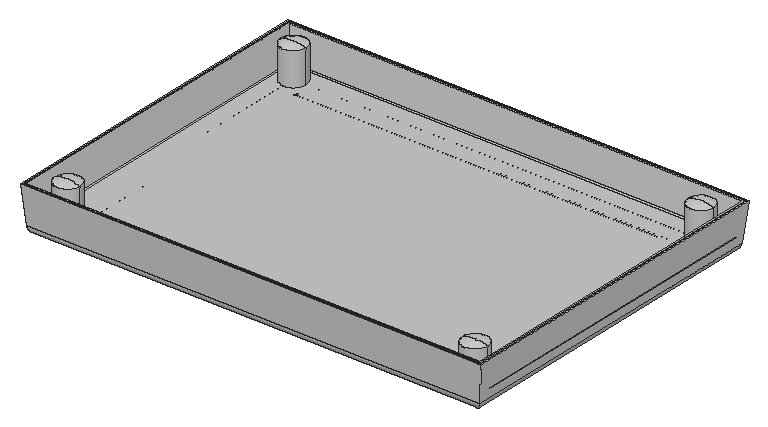
Revit family "Gorter BV 600x400mm", category Generic Models, host Face, Revit 2019
Family settings
  Host = Face
  Can host rebar = No
  Round Connector Dimension = Use Diameter
  Part Type = Normal
  Cut with Voids When Loaded = Yes
  Shared = Yes
  Room Calculation Point = No
Parameters (values of type "BV 600x400mm")
  vullen_met_beton = "ja"  # constant formula
  vergrendeling = "nee"  # constant formula
  uitwendige_lengte = 535 mm
  uitwendige_breedte = 735 mm
  sluiting = "4"  # constant formula
  scharnierend = "nee"  # constant formula
  rubberen_afdichting = "enkel"  # constant formula
  productgroep = ""
  materiaal = bcb_staal
  inbouwhoogte [instance] = 75 mm
  geïsoleerd = "nee"  # constant formula
  gewicht = "17"
  gasdrukveer = "nee"  # constant formula
  brandwerend 90 min = "nee"  # constant formula
  binnenmaat_lengte = uitwendige_lengte - 135 mm  # 400 mm
  binnenmaat_breedte = uitwendige_breedte - 135 mm  # 600 mm
  binnenluik = "tbv betonvulling"  # constant formula
  belasting = "125 kN"  # constant formula
  URL = ""
  Model = "BV"  # constant formula
  Manufacturer = "Gorter"  # constant formula
  Description = "BV 64"
  Default Elevation = 1219.2 mm
Types (6, lengths in mm): name | uitwendige_lengte | uitwendige_breedte | gewicht | binnenmaat_lengte | binnenmaat_breedte | Description
  (no name) | 535 | 735 | "17" | 400 | 600 | "BV 64"
  BV 600x400mm | 535 | 735 | "17" | 400 | 600 | "BV 64"
  BV 600x600mm | 735 | 735 | "21" | 600 | 600 | "BV 66"
  BV 800x600mm | 735 | 935 | "27" | 600 | 800 | "BV 86"
  BV 800x800mm | 935 | 935 | "31" | 800 | 800 | "BV 88"
  BV 1000x600mm | 735 | 1135 | "31" | 600 | 1000 | "BV 106"
Reference planes
  plane 1 "Center (Front/Back)": y = 0
  plane 2: z = 0
  plane 3 "Center (Left/Right)": x = 0
  plane 4: y = 267.5
  plane 5: y = -267.5
  plane 6: x = 367.5
  plane 7: x = -367.5
  plane 8: z = -75
  plane 9: x = -325.5
  plane 10: y = 225.5
  plane 11: y = -225.5
  plane 12: x = 325.5
  plane 13: x = -205.5
  plane 14: x = 205.5
  plane 15: y = -105.5
  plane 16: y = 105.5
Forms (mm)
  Sweep 1, solid, material "bcb_staal" <- "materiaal", detail levels medium+fine
    path origin (0, 0, 0) x (1, 0, 0) y (0, 1, 0)
      loop
        line (-367.5, 267.5) -> (-367.5, -267.5) -> (367.5, -267.5) -> (367.5, 267.5) -> (-367.5, 267.5)
    profile origin (-367.5, 0, 0) x (-1, 0, 0) y (0, 0, 1)
      loop
        line (0, 0) -> (-2.01, 0) -> (-8.062, -60.739)
        arc (-8.062, -60.739) -> (-19.025, -71.913) -> (-32.302, -63.62) r 12.5
        line (-32.302, -63.62) -> (-34.724, -56.679)
        arc (-34.724, -56.679) -> (-38.41, -54.001) -> (-42.212, -56.51) r 4
        line (-42.212, -56.51) -> (-44.362, -61.868)
        arc (-44.362, -61.868) -> (-48.269, -64.946) -> (-52.899, -63.13) r 5
        line (-52.899, -63.13) -> (-56.64, -57.982)
        arc (-56.64, -57.982) -> (-63.349, -55.792) -> (-67.5, -61.5) r 6
        line (-67.5, -61.5) -> (-67.5, -75) -> (-65.5, -75) -> (-65.5, -61.5)
        arc (-65.5, -61.5) -> (-62.734, -57.695) -> (-58.262, -59.152) r 4
        line (-58.262, -59.152) -> (-54.667, -64.109)
        arc (-54.667, -64.109) -> (-48.142, -66.947) -> (-42.504, -62.607) r 7
        line (-42.504, -62.607) -> (-40.356, -57.255)
        arc (-40.356, -57.255) -> (-38.451, -56.001) -> (-36.61, -57.346) r 2
        line (-36.61, -57.346) -> (-34.19, -64.279)
        arc (-34.19, -64.279) -> (-18.789, -73.899) -> (-6.071, -60.938) r 14.5
        line (-6.071, -60.938) -> (0, 0)
  Sweep 2, solid, material "bcb_staal" <- "materiaal", detail levels medium+fine
    path origin (0, 0, 0) x (1, 0, 0) y (0, 1, 0)
      loop
        line (-367.5, 267.5) -> (-367.5, -267.5) -> (367.5, -267.5) -> (367.5, 267.5) -> (-367.5, 267.5)
    profile origin (-367.5, 0, 0) x (-1, 0, 0) y (0, 0, 1)
      loop
        line (-10.487, -50.628) -> (-2.484, 0) -> (-4.5, 0) -> (-12.438, -50.313)
        arc (-12.438, -50.313) -> (-13.121, -51.538) -> (-14.437, -52.024) r 2.024
        line (-14.437, -52.024) -> (-67.5, -52.024) -> (-67.5, -53.988) -> (-14.751, -53.988)
        arc (-14.751, -53.988) -> (-11.962, -53.142) -> (-10.487, -50.628) r 4
  Sweep 3, solid, material "bcb_staal" <- "materiaal", detail levels coarse
    path origin (0, 0, 0) x (1, 0, 0) y (0, 1, 0)
      loop
        line (-367.5, 267.5) -> (-367.5, -267.5) -> (367.5, -267.5) -> (367.5, 267.5) -> (-367.5, 267.5)
    profile origin (-367.5, 0, 0) x (-1, 0, 0) y (0, 0, 1)
      loop
        line (0, 0) -> (-4.5, 0) -> (-12.74, -52.024) -> (-67.5, -52.024) -> (-67.5, -75) -> (-7.473, -75) -> (0, 0)
  Extrusion 4, solid, material "bcb_staal" <- "materiaal", detail levels medium+fine
    sketch origin (0, 0, 0) x (1, 0, 0) y (0, 1, 0)
      loop
        line (-300, 200) -> (-300, -200) -> (300, -200) -> (300, 200) -> (-300, 200)
    from -53.988 to -52
  Extrusion 5, solid, material "bcb_staal" <- "materiaal", detail levels coarse
    sketch origin (0, 0, 0) x (1, 0, 0) y (0, 1, 0)
      loop
        line (-300, 200) -> (-300, -200) -> (300, -200) -> (300, 200) -> (-300, 200)
    from -75 to -52.024
  Extrusion 6, void
    sketch origin (0, 0, 0) x (1, 0, 0) y (0, 1, 0)
      loop
        line (-205.5, -105.5) -> (205.5, -105.5) -> (205.5, 105.5) -> (-205.5, 105.5) -> (-205.5, -105.5)
    from -500 to 10
  Sweep 7, void
    path origin (0, 0, 0) x (1, 0, 0) y (0, 1, 0)
      loop
        line (-367.5, 267.5) -> (-367.5, -267.5) -> (367.5, -267.5) -> (367.5, 267.5) -> (-367.5, 267.5)
    profile origin (-367.5, 0, 0) x (-1, 0, 0) y (0, 0, 1)
      loop
        line (0.498, 5) -> (-162, 5) -> (-162, -365) -> (-65.5, -365) -> (-65.5, -75) -> (-7.473, -75) -> (0.498, 5)
Cuts and joins
  joined: Sweep 2, Extrusion 4
  joined: Sweep 3, Extrusion 5
Dimensions and locks
  equal spacing: plane 7, plane 3 "Center (Left/Right)", plane 6
  "uitwendige_breedte": plane 7 to plane 6
  equal spacing: plane 4, plane 1 "Center (Front/Back)", plane 5
  "uitwendige_lengte": plane 4 to plane 5
  locked: plane 4 to plane 10 at 42
  locked: plane 7 to plane 9 at 42
  locked: plane 12 to plane 6 at 42
  locked: plane 5 to plane 11 at 42
  locked: plane 9 to plane 13 at 120
  locked: plane 14 to plane 12 at 120
  locked: plane 15 to plane 11 at 120
  locked: plane 10 to plane 16 at 120
  aligned and locked: plane 2 to host face
  aligned and locked: level to host face
  aligned and locked: Sweep 1 sketch curve to plane 4
  aligned and locked: plane 7 to Sweep 1 sketch curve
  aligned and locked: plane 5 to Sweep 1 sketch curve
  aligned and locked: Sweep 1 sketch curve to plane 6
  aligned and locked: Sweep 2 sketch curve to Sweep 1  (x4)
  aligned and locked: Sweep 3 sketch curve to Sweep 1  (x4)
  aligned and locked: Extrusion 4 sketch curve to Sweep 1  (x4)
  aligned and locked: Extrusion 5 sketch curve to Sweep 3  (x2)
  aligned and locked: Extrusion 5 sketch curve to Sweep 1  (x2)
  aligned and locked: plane 3 "Center (Left/Right)" to nested 1
  aligned and locked: nested 1 to plane 2
  aligned and locked: plane 9 to nested 2
  aligned and locked: nested 2 to plane 10
  aligned and locked: nested 3 to plane 12
  aligned and locked: plane 10 to nested 3
  aligned and locked: plane 11 to nested 4
  aligned and locked: nested 4 to plane 9
  aligned and locked: nested 5 to plane 11
  aligned and locked: plane 12 to nested 5
  aligned and locked: nested 6 to plane 1 "Center (Front/Back)"
  aligned and locked: nested 6 to plane 2
  aligned and locked: Extrusion 6 to plane 16
  aligned and locked: Extrusion 6 to plane 14
  aligned and locked: Extrusion 6 to plane 15
  aligned and locked: Extrusion 6 to plane 13
  aligned and locked: Sweep 7 sketch curve to plane 4
  aligned and locked: Sweep 7 sketch curve to plane 6
  aligned and locked: plane 5 to Sweep 7 sketch curve
  aligned and locked: plane 7 to Sweep 7 sketch curve
Automatic sketch dimensions
  host sketch curve to host sketch curve = 2000 mm  (x2)
  Sweep 1 sketch curve to profile plane = 0 mm
  profile plane to Sweep 1 sketch curve = 6.071 mm
  Sweep 1 sketch curve to Sweep 1 sketch curve = 1.99 mm
  Sweep 1 sketch curve to Sweep 1 sketch curve = 12.438 mm
  Sweep 1 sketch curve to Sweep 1 sketch curve = 0 mm  (x6)
  Sweep 1 sketch curve to Sweep 1 sketch curve = 11.802 mm
  Sweep 1 sketch curve to Sweep 1 sketch curve = 1.888 mm
  Sweep 1 sketch curve to Sweep 1 sketch curve = 2.423 mm
  Sweep 1 sketch curve to Sweep 1 sketch curve = 1.886 mm
  Sweep 1 sketch curve to Sweep 1 sketch curve = 1.89 mm
  Sweep 1 sketch curve to Sweep 1 sketch curve = 1.856 mm  (x2)
  Sweep 1 sketch curve to Sweep 1 sketch curve = 2.147 mm
  Sweep 1 sketch curve to Sweep 1 sketch curve = 1.858 mm
  Sweep 1 sketch curve to Sweep 1 sketch curve = 4.638 mm
  Sweep 1 sketch curve to Sweep 1 sketch curve = 3.899 mm
  Sweep 1 sketch curve to Sweep 1 sketch curve = 1.768 mm
  Sweep 1 sketch curve to Sweep 1 sketch curve = 3.741 mm
  Sweep 1 sketch curve to Sweep 1 sketch curve = 1.622 mm
  Sweep 1 sketch curve to Sweep 1 sketch curve = 3.238 mm
  Sweep 1 sketch curve to Sweep 1 sketch curve = 4 mm
  Sweep 1 sketch curve to Sweep 1 sketch curve = 2 mm
  Sweep 1 sketch curve to level = 56.51 mm
  Sweep 1 sketch curve to Sweep 1 sketch curve = 0.169 mm
  Sweep 1 sketch curve to Sweep 1 sketch curve = 0.745 mm
  Sweep 1 sketch curve to Sweep 1 sketch curve = 0.654 mm
  Sweep 1 sketch curve to Sweep 1 sketch curve = 1.471 mm
  Sweep 1 sketch curve to Sweep 1 sketch curve = 1.17 mm
  Sweep 1 sketch curve to Sweep 1 sketch curve = 2.821 mm
  Sweep 1 sketch curve to Sweep 1 sketch curve = 3.49 mm
  Sweep 1 sketch curve to Sweep 1 sketch curve = 1.239 mm
  Sweep 1 sketch curve to Sweep 1 sketch curve = 0.198 mm
  Sweep 1 sketch curve to Sweep 1 sketch curve = 1.867 mm
  Sweep 1 sketch curve to Sweep 1 sketch curve = 0.739 mm
  Sweep 1 sketch curve to Sweep 1 sketch curve = 13.5 mm
  profile plane to Sweep 1 sketch curve = 2.01 mm
  Sweep 1 sketch curve to Sweep 1 sketch curve = 60.938 mm
  Sweep 2 sketch curve to level = 0 mm
  profile plane to Sweep 2 sketch curve = 14.751 mm
  Sweep 2 sketch curve to Sweep 2 sketch curve = 0.313 mm  (x2)
  Sweep 2 sketch curve to Sweep 2 sketch curve = 0 mm  (x2)
  Sweep 2 sketch curve to Sweep 2 sketch curve = 1.95 mm
  Sweep 2 sketch curve to Sweep 2 sketch curve = 0.315 mm
  Sweep 2 sketch curve to Sweep 2 sketch curve = 53.063 mm
  profile plane to Sweep 2 sketch curve = 4.5 mm
  Sweep 2 sketch curve to Sweep 2 sketch curve = 2.016 mm
  Sweep 2 sketch curve to level = 52.024 mm
  Sweep 2 sketch curve to Sweep 2 sketch curve = 1.963 mm
  Sweep 3 sketch curve to level = 0 mm
  Sweep 3 sketch curve to profile plane = 0 mm
  profile plane to Sweep 3 sketch curve = 4.5 mm
  profile plane to Sweep 3 sketch curve = 12.74 mm
  Sweep 3 sketch curve to Sweep 3 sketch curve = 54.76 mm
  Sweep 3 sketch curve to level = 52.024 mm
  profile plane to Sweep 3 sketch curve = 7.473 mm
  Sweep 3 sketch curve to Sweep 3 sketch curve = 22.976 mm
  Extrusion 6 sketch curve to plane 11 = 120 mm
  Extrusion 6 sketch curve to plane 1 "Center (Front/Back)" = 105.5 mm
  Extrusion 6 sketch curve to plane 13 = 0 mm
  Extrusion 6 sketch curve to plane 14 = 0 mm
  level to Sweep 7 sketch curve = 5 mm
  profile plane to Sweep 7 sketch curve = 162 mm
  profile plane to Sweep 7 sketch curve = 65.5 mm
  profile plane to Sweep 7 sketch curve = 7.473 mm
  Sweep 7 sketch curve to profile plane = 0.498 mm
  Sweep 7 sketch curve to level = 75 mm
  Sweep 7 sketch curve to Sweep 7 sketch curve = 290 mm
Nested families
  nested 1: "NLRS_33_GM_FB_TC_GORTER_vloerluik_BV_BCB_Detail_Component" at (0, 0, 0) x (1, 0, 0) z (0, -1, 0), breedte <- "uitwendige_breedte", type "NLRS_33_GM_FB_TC_GORTER_vloerluik_BV_BCB_Detail_Component"
    with breedte 735 mm
  nested 2: "NLRS_33_GM_FB_TC_GORTER_vloerluik_BV_BCB_Inbusbout" at (-325.5, 225.5, -52.024), type "NLRS_33_GM_FB_TC_GORTER_vloerluik_BV_BCB_Inbusbout"
  nested 3: "NLRS_33_GM_FB_TC_GORTER_vloerluik_BV_BCB_Inbusbout" at (325.5, 225.5, -52.024) x (-1, 0, 0) z (0, 0, 1), type "NLRS_33_GM_FB_TC_GORTER_vloerluik_BV_BCB_Inbusbout"
  nested 4: "NLRS_33_GM_FB_TC_GORTER_vloerluik_BV_BCB_Inbusbout" at (-325.5, -225.5, -52.024), type "NLRS_33_GM_FB_TC_GORTER_vloerluik_BV_BCB_Inbusbout"
  nested 5: "NLRS_33_GM_FB_TC_GORTER_vloerluik_BV_BCB_Inbusbout" at (325.5, -225.5, -52.024) x (-1, 0, 0) z (0, 0, 1), type "NLRS_33_GM_FB_TC_GORTER_vloerluik_BV_BCB_Inbusbout"
  nested 6: "NLRS_33_GM_FB_TC_GORTER_vloerluik_BV_BCB_Detail_Component" at (0, 0, 0) x (0, 1, 0) z (1, 0, 0), breedte <- "uitwendige_lengte", type "NLRS_33_GM_FB_TC_GORTER_vloerluik_BV_BCB_Detail_Component"
    with breedte 535 mm
Definition of nested family "NLRS_33_GM_FB_TC_GORTER_vloerluik_BV_BCB_Inbusbout"
  Parameters
    materiaal = none
    Default Elevation = 1219.2 mm
  Reference planes
    plane 1 "Center (Front/Back)": y = 0
    plane 2: z = 0
    plane 3 "Center (Left/Right)": x = 0
  Forms (mm)
    Extrusion 1, solid, not visible
      sketch origin (0, 0, 0) x (1, 0, 0) y (0, 1, 0)
        loop
          line (-250, 250) -> (-250, -250) -> (250, -250) -> (250, 250) -> (-250, 250)
      from 0 to -100
    Extrusion 2, solid, material <- "materiaal", detail levels medium+fine
      sketch origin (0, 0, 0) x (1, 0, 0) y (0, 1, 0)
        loop
          circle (0, 0) r 20
      from 0 to 52
    Revolve 3, solid, detail levels medium+fine
      sketch origin (0, 0, 0) x (1, 0, 0) y (0, 0, 1)
        loop
          line (-20, 52) -> (0, 52) -> (0, 56)
          arc (0, 56) -> (-10.198, 54.99) -> (-20, 52) r 52
        axis (0, 56) -> (0, 52)
      angle from 0 to 360
  Dimensions and locks
    aligned and locked: plane 2 to Extrusion 1
    aligned and locked: level to Extrusion 1
Definition of nested family "NLRS_33_GM_FB_TC_GORTER_vloerluik_BV_BCB_Detail_Component"
  Parameters
    breedte [instance] = 435 mm
  Reference planes
    plane 1 "Center (Front/Back)": y = 0
    plane 2: z = 0
    plane 3 "Center (Left/Right)": x = 0
    plane 4: x = -217.5
    plane 5: x = 217.5
    plane 6: y = 100
    plane 7: y = -75
  Lines and regions (mm)
    Filled region 1, type "BCB Staal", in view "Ref. Level", detail levels medium+fine
      outline origin (0, 0, 0) x (1, 0, 0) y (0, 1, 0)
        loop
          line (-217.5, 0) -> (-211.429, -60.938)
          arc (-211.429, -60.938) -> (-198.711, -73.899) -> (-183.31, -64.279) r 14.5
          line (-183.31, -64.279) -> (-180.89, -57.346)
          arc (-180.89, -57.346) -> (-179.049, -56.001) -> (-177.144, -57.255) r 2
          line (-177.144, -57.255) -> (-174.996, -62.607)
          arc (-174.996, -62.607) -> (-169.358, -66.947) -> (-162.833, -64.109) r 7
          line (-162.833, -64.109) -> (-159.24, -59.154)
          arc (-159.24, -59.154) -> (-154.767, -57.695) -> (-152, -61.5) r 4
          line (-152, -61.5) -> (-152, -75) -> (-150, -75) -> (-150, -61.5)
          arc (-150, -61.5) -> (-154.151, -55.792) -> (-160.86, -57.982) r 6
          line (-160.86, -57.982) -> (-164.601, -63.13)
          arc (-164.601, -63.13) -> (-169.231, -64.946) -> (-173.138, -61.868) r 5
          line (-173.138, -61.868) -> (-175.288, -56.51)
          arc (-175.288, -56.51) -> (-179.09, -54.001) -> (-182.776, -56.679) r 4
          line (-182.776, -56.679) -> (-185.198, -63.62)
          arc (-185.198, -63.62) -> (-198.475, -71.913) -> (-209.438, -60.739) r 12.5
          line (-209.438, -60.739) -> (-215.49, 0) -> (-217.5, 0)
    Filled region 2, type "BCB Rubber", in view "Ref. Level", detail levels medium+fine
      outline origin (0, 0, 0) x (1, 0, 0) y (0, 1, 0)
        loop
          arc (-160.052, -57.075) -> (-160.524, -54.949) -> (-162.485, -54) r 2.5
          line (-162.485, -54) -> (-178.975, -54)
          arc (-178.975, -54) -> (-176.749, -54.694) -> (-175.288, -56.51) r 4
          line (-175.288, -56.51) -> (-173.138, -61.868)
          arc (-173.138, -61.868) -> (-169.231, -64.946) -> (-164.601, -63.13) r 5
          line (-164.601, -63.13) -> (-160.86, -57.982)
          arc (-160.86, -57.982) -> (-160.479, -57.508) -> (-160.052, -57.075) r 6
    Filled region 3, type "BCB Staal", in view "Ref. Level", detail levels medium+fine
      outline origin (0, 0, 0) x (1, 0, 0) y (0, 1, 0)
        loop
          line (-213, 0) -> (-215.016, 0) -> (-207.013, -50.628)
          arc (-207.013, -50.628) -> (-205.538, -53.142) -> (-202.749, -53.988) r 4
          line (-202.749, -53.988) -> (203.063, -53.988)
          arc (203.063, -53.988) -> (205.651, -53.033) -> (207, -50.626) r 3.987
          line (207, -50.626) -> (215, 0) -> (212.969, 0) -> (205.038, -50.32)
          arc (205.038, -50.32) -> (204.359, -51.524) -> (203.063, -52.024) r 2.001
          line (203.063, -52.024) -> (-203.063, -52.024)
          arc (-203.063, -52.024) -> (-204.379, -51.538) -> (-205.063, -50.313) r 2.024
          line (-205.063, -50.313) -> (-213, 0)
    Filled region 4, type "BCB Staal", in view "Ref. Level", detail levels medium+fine
      outline origin (0, 0, 0) x (1, 0, 0) y (0, 1, 0)
        loop
          line (185.198, -63.62) -> (182.776, -56.679)
          arc (182.776, -56.679) -> (179.09, -54.001) -> (175.288, -56.51) r 4
          line (175.288, -56.51) -> (173.138, -61.868)
          arc (173.138, -61.868) -> (169.231, -64.946) -> (164.601, -63.13) r 5
          line (164.601, -63.13) -> (160.86, -57.982)
          arc (160.86, -57.982) -> (154.151, -55.792) -> (150, -61.5) r 6
          line (150, -61.5) -> (150, -75) -> (152, -75) -> (152, -61.5)
          arc (152, -61.5) -> (154.767, -57.695) -> (159.24, -59.154) r 4
          line (159.24, -59.154) -> (162.833, -64.109)
          arc (162.833, -64.109) -> (169.358, -66.947) -> (174.996, -62.607) r 7
          line (174.996, -62.607) -> (177.144, -57.255)
          arc (177.144, -57.255) -> (179.049, -56.001) -> (180.89, -57.346) r 2
          line (180.89, -57.346) -> (183.31, -64.279)
          arc (183.31, -64.279) -> (198.711, -73.899) -> (211.429, -60.938) r 14.5
          line (211.429, -60.938) -> (217.5, 0) -> (215.49, 0) -> (209.438, -60.739)
          arc (209.438, -60.739) -> (198.475, -71.913) -> (185.198, -63.62) r 12.5
    Filled region 5, type "BCB Rubber", in view "Ref. Level", detail levels medium+fine
      outline origin (0, 0, 0) x (1, 0, 0) y (0, 1, 0)
        loop
          arc (162.485, -54) -> (160.524, -54.949) -> (160.052, -57.075) r 2.5
          arc (160.052, -57.075) -> (160.479, -57.508) -> (160.86, -57.982) r 6
          line (160.86, -57.982) -> (164.601, -63.13)
          arc (164.601, -63.13) -> (169.231, -64.946) -> (173.138, -61.868) r 5
          line (173.138, -61.868) -> (175.288, -56.51)
          arc (175.288, -56.51) -> (176.746, -54.695) -> (178.968, -54) r 4
          line (178.968, -54) -> (162.485, -54)
    Masking region 1, in view "Ref. Level", detail levels medium+fine
      outline origin (0, 0, 0) x (1, 0, 0) y (0, 1, 0)
        loop
          line (-152, -75) -> (152, -75) -> (152, -74) -> (197, -74)
          arc (197, -74) -> (206.732, -70.249) -> (211.429, -60.938) r 14.5
          line (211.429, -60.938) -> (217.5, 0) -> (-217.5, 0) -> (-211.429, -60.938)
          arc (-211.429, -60.938) -> (-206.732, -70.249) -> (-197, -74) r 14.5
          line (-197, -74) -> (-152, -74) -> (-152, -75)
  Text (mm)
    text "Meer informatie nodig om tot een goed detail te komen.\n\nPDF van de website bevat meer informatie, dit zouden wij graag tegemoet zien in DWG-formaat." at (4.418, -12.363, 0), in view "Ref. Level"
  Dimensions and locks
    equal spacing: plane 4, plane 3 "Center (Left/Right)", plane 5
    "breedte": plane 4 to plane 5
  Automatic sketch dimensions
    plane 1 "Center (Front/Back)" to Filled region 1 sketch curve = 0 mm
    Filled region 1 sketch curve to plane 4 = 0 mm
    plane 4 to Filled region 1 sketch curve = 6.071 mm
    Filled region 1 sketch curve to Filled region 1 sketch curve = 1.99 mm
    Filled region 1 sketch curve to Filled region 1 sketch curve = 12.438 mm
    Filled region 1 sketch curve to Filled region 1 sketch curve = 0 mm  (x6)
    plane 7 to Filled region 1 sketch curve = 11.38 mm
    Filled region 1 sketch curve to Filled region 1 sketch curve = 11.802 mm
    plane 7 to Filled region 1 sketch curve = 10.721 mm
    Filled region 1 sketch curve to Filled region 1 sketch curve = 1.888 mm
    Filled region 1 sketch curve to Filled region 1 sketch curve = 2.423 mm
    plane 7 to Filled region 1 sketch curve = 17.654 mm
    Filled region 1 sketch curve to Filled region 1 sketch curve = 1.886 mm
    Filled region 1 sketch curve to Filled region 1 sketch curve = 1.89 mm
    plane 7 to Filled region 1 sketch curve = 17.745 mm
    Filled region 1 sketch curve to Filled region 1 sketch curve = 1.856 mm  (x2)
    plane 7 to Filled region 1 sketch curve = 18.49 mm
    plane 7 to Filled region 1 sketch curve = 12.393 mm
    Filled region 1 sketch curve to Filled region 1 sketch curve = 2.147 mm
    plane 7 to Filled region 1 sketch curve = 13.132 mm
    Filled region 1 sketch curve to Filled region 1 sketch curve = 1.858 mm
    Filled region 1 sketch curve to Filled region 1 sketch curve = 4.638 mm
    plane 7 to Filled region 1 sketch curve = 11.87 mm
    Filled region 1 sketch curve to Filled region 1 sketch curve = 3.899 mm
    plane 7 to Filled region 1 sketch curve = 10.891 mm
    Filled region 1 sketch curve to Filled region 1 sketch curve = 1.768 mm
    plane 7 to Filled region 1 sketch curve = 17.018 mm
    Filled region 1 sketch curve to Filled region 1 sketch curve = 3.74 mm
    plane 7 to Filled region 1 sketch curve = 15.846 mm
    Filled region 1 sketch curve to Filled region 1 sketch curve = 1.621 mm
    Filled region 1 sketch curve to Filled region 1 sketch curve = 3.24 mm
    plane 7 to Filled region 1 sketch curve = 13.5 mm  (x2)
    Filled region 1 sketch curve to Filled region 1 sketch curve = 4 mm
    plane 7 to Filled region 1 sketch curve = 0 mm
    Filled region 1 sketch curve to Filled region 1 sketch curve = 2 mm  (x2)
    plane 7 to Filled region 1 sketch curve = 14.062 mm
    Filled region 1 sketch curve to Filled region 1 sketch curve = 0.198 mm
    plane 4 to Filled region 1 sketch curve = 2.01 mm
    plane 7 to Filled region 2 sketch curve = 17 mm
    plane 4 to Filled region 2 sketch curve = 38.5 mm
    Filled region 2 sketch curve to Filled region 2 sketch curve = 0.025 mm
    plane 7 to Filled region 2 sketch curve = 18.49 mm
    Filled region 2 sketch curve to Filled region 2 sketch curve = 3.712 mm
    plane 7 to Filled region 2 sketch curve = 13.132 mm
    Filled region 2 sketch curve to Filled region 2 sketch curve = 2.15 mm
    Filled region 2 sketch curve to Filled region 2 sketch curve = 4.638 mm
    plane 7 to Filled region 2 sketch curve = 11.87 mm
    Filled region 2 sketch curve to Filled region 2 sketch curve = 3.899 mm
    Filled region 2 sketch curve to Filled region 2 sketch curve = 2.116 mm
    plane 7 to Filled region 2 sketch curve = 17.018 mm
    Filled region 2 sketch curve to Filled region 2 sketch curve = 1.624 mm
    Filled region 2 sketch curve to Filled region 2 sketch curve = 4.86 mm
    Filled region 2 sketch curve to Filled region 2 sketch curve = 3.518 mm
    Filled region 2 sketch curve to Filled region 2 sketch curve = 1.482 mm
    Filled region 2 sketch curve to Filled region 2 sketch curve = 0 mm  (x3)
    Filled region 2 sketch curve to Filled region 2 sketch curve = 0.809 mm
    plane 1 "Center (Front/Back)" to Filled region 3 sketch curve = 0 mm  (x2)
    plane 4 to Filled region 3 sketch curve = 10.487 mm
    Filled region 3 sketch curve to Filled region 3 sketch curve = 1.95 mm
    Filled region 3 sketch curve to Filled region 3 sketch curve = 2 mm
    Filled region 3 sketch curve to Filled region 3 sketch curve = 0 mm  (x5)
    Filled region 3 sketch curve to Filled region 3 sketch curve = 0.313 mm  (x2)
    Filled region 3 sketch curve to plane 5 = 14.437 mm
    Filled region 3 sketch curve to Filled region 3 sketch curve = 1.975 mm
    Filled region 3 sketch curve to Filled region 3 sketch curve = 1.962 mm
    Filled region 3 sketch curve to plane 5 = 4.531 mm
    Filled region 3 sketch curve to Filled region 3 sketch curve = 2.031 mm
    plane 7 to Filled region 3 sketch curve = 25 mm  (x2)
    Filled region 3 sketch curve to Filled region 3 sketch curve = 0.001 mm
    Filled region 3 sketch curve to Filled region 3 sketch curve = 0.319 mm
    Filled region 3 sketch curve to Filled region 3 sketch curve = 0.306 mm
    plane 4 to Filled region 3 sketch curve = 4.5 mm
    Filled region 3 sketch curve to Filled region 3 sketch curve = 2.016 mm
    Filled region 4 sketch curve to plane 7 = 0 mm
    plane 1 "Center (Front/Back)" to Filled region 4 sketch curve = 0 mm
    Filled region 4 sketch curve to plane 5 = 0 mm
    Filled region 4 sketch curve to plane 5 = 6.071 mm
    Filled region 4 sketch curve to Filled region 4 sketch curve = 1.99 mm
    Filled region 4 sketch curve to Filled region 4 sketch curve = 12.438 mm
    Filled region 4 sketch curve to Filled region 4 sketch curve = 0 mm  (x5)
    plane 7 to Filled region 4 sketch curve = 11.38 mm
    Filled region 4 sketch curve to Filled region 4 sketch curve = 11.802 mm
    plane 7 to Filled region 4 sketch curve = 10.721 mm
    Filled region 4 sketch curve to Filled region 4 sketch curve = 1.888 mm
    Filled region 4 sketch curve to Filled region 4 sketch curve = 2.423 mm
    Filled region 4 sketch curve to Filled region 4 sketch curve = 1.886 mm
    Filled region 4 sketch curve to Filled region 4 sketch curve = 1.89 mm
    plane 7 to Filled region 4 sketch curve = 17.745 mm
    Filled region 4 sketch curve to Filled region 4 sketch curve = 1.856 mm  (x2)
    plane 7 to Filled region 4 sketch curve = 18.49 mm
    plane 7 to Filled region 4 sketch curve = 12.393 mm
    Filled region 4 sketch curve to Filled region 4 sketch curve = 2.147 mm
    plane 7 to Filled region 4 sketch curve = 13.132 mm
    Filled region 4 sketch curve to Filled region 4 sketch curve = 1.858 mm
    Filled region 4 sketch curve to Filled region 4 sketch curve = 4.638 mm
    plane 7 to Filled region 4 sketch curve = 11.87 mm
    Filled region 4 sketch curve to Filled region 4 sketch curve = 3.899 mm
    plane 7 to Filled region 4 sketch curve = 10.891 mm
    Filled region 4 sketch curve to Filled region 4 sketch curve = 1.768 mm
    plane 7 to Filled region 4 sketch curve = 17.018 mm
    Filled region 4 sketch curve to Filled region 4 sketch curve = 3.74 mm
    plane 7 to Filled region 4 sketch curve = 15.846 mm
    Filled region 4 sketch curve to Filled region 4 sketch curve = 1.621 mm
    Filled region 4 sketch curve to Filled region 4 sketch curve = 3.24 mm
    Filled region 4 sketch curve to Filled region 4 sketch curve = 4 mm
    Filled region 4 sketch curve to Filled region 4 sketch curve = 2 mm
    plane 7 to Filled region 4 sketch curve = 14.062 mm
    Filled region 4 sketch curve to Filled region 4 sketch curve = 0.198 mm
    Filled region 4 sketch curve to Filled region 4 sketch curve = 0.745 mm
    Filled region 4 sketch curve to Filled region 4 sketch curve = 2.01 mm
    plane 7 to Filled region 5 sketch curve = 13.5 mm
    Filled region 5 sketch curve to plane 5 = 61.5 mm
    plane 7 to Filled region 5 sketch curve = 17.018 mm
    Filled region 5 sketch curve to Filled region 5 sketch curve = 4.86 mm
    Filled region 5 sketch curve to Filled region 5 sketch curve = 1.624 mm
    plane 7 to Filled region 5 sketch curve = 11.87 mm
    Filled region 5 sketch curve to Filled region 5 sketch curve = 3.74 mm
    Filled region 5 sketch curve to Filled region 5 sketch curve = 3.899 mm
    plane 7 to Filled region 5 sketch curve = 13.132 mm
    Filled region 5 sketch curve to Filled region 5 sketch curve = 4.638 mm
    Filled region 5 sketch curve to Filled region 5 sketch curve = 2.15 mm
    Filled region 5 sketch curve to Filled region 5 sketch curve = 3.68 mm
    Filled region 5 sketch curve to Filled region 5 sketch curve = 3.712 mm
    Filled region 5 sketch curve to Filled region 5 sketch curve = 1.49 mm
    Filled region 5 sketch curve to Filled region 5 sketch curve = 1.482 mm
    Filled region 5 sketch curve to Filled region 5 sketch curve = 0.809 mm
    plane 1 "Center (Front/Back)" to Masking region 1 sketch curve = 0 mm
    Masking region 1 sketch curve to plane 4 = 0 mm
    Masking region 1 sketch curve to plane 7 = 0 mm
    Masking region 1 sketch curve to plane 5 = 65.5 mm
    plane 7 to Masking region 1 sketch curve = 1 mm
    plane 4 to Masking region 1 sketch curve = 65.5 mm
    Masking region 1 sketch curve to plane 5 = 20.5 mm
    Masking region 1 sketch curve to Masking region 1 sketch curve = 1 mm
    Masking region 1 sketch curve to Masking region 1 sketch curve = 14.5 mm
    Masking region 1 sketch curve to plane 5 = 6.071 mm
    Masking region 1 sketch curve to plane 5 = 0 mm
    plane 4 to Masking region 1 sketch curve = 6.071 mm
    plane 7 to Masking region 1 sketch curve = 14.062 mm
    Masking region 1 sketch curve to Masking region 1 sketch curve = 1.438 mm
